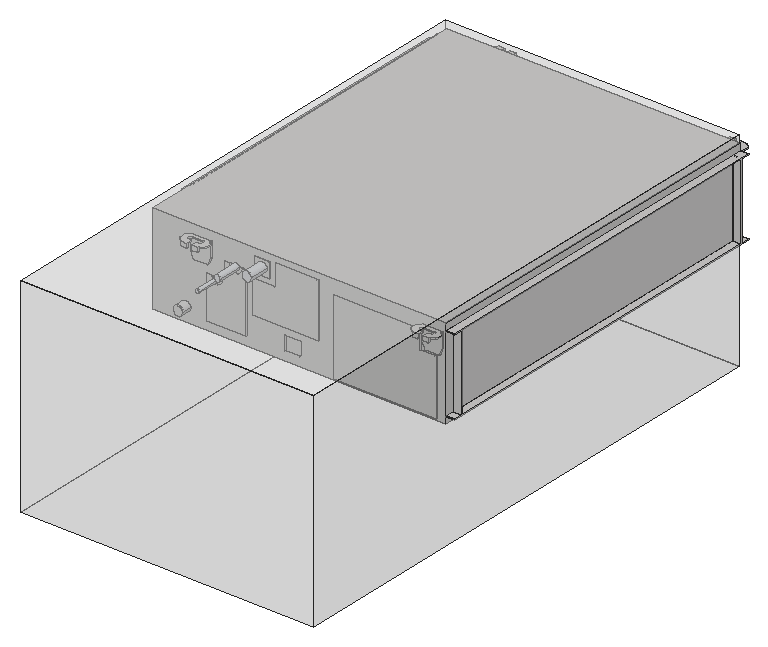
Revit family "outputfile", category 機械設備, Revit 2024
Family settings
  丸型コネクタ寸法 = 半径を使用
  パーツ タイプ = 標準
  OmniClass 番号 = 23.75.10.24.21.27.27
  OmniClass タイトル = Split System Air Conditioning Units
  作業面ベース = いいえ
  常に垂直 = はい
  ロード時にボイドで切り取り = いいえ
  注釈の向きを維持 = いいえ
  共有 = いいえ
  部屋計算ポイント = はい
Parameters (values of type "FXSQ63PAVE")
  Description = ""
  製造元 = "Daikin"
  書き出し IFC クラス(タイプ) = "IfcUnitaryEquipmentType"
  定義済み IFC タイプ(タイプ) = "AIRCONDITIONINGUNIT"
  Cost = 0
  モデル = "FXSQ63PAVE"
  Type Comments = ""
  Keynote = ""
  Type Image = (empty or 0)
  Assembly Code = ""
  r_Liquid Pipe Size = Liquid Pipe Size / 2  # 4.75 mm
  r_Gas Pipe Size = Gas Pipe Size / 2  # 7.95 mm
  r_Drain Pipe Size = Drain Pipe Size / 2  # 12.5 mm
  lw_power = 770.0 mm  # constant formula
  lh_SA = 138.0 mm  # constant formula
  lw_SA = if(Depth = 550.0 mm, 225.0 mm, if(Depth = 700.0 mm, 300.0 mm, if(Depth = 1000.0 mm, 450.0 mm, if(Depth = 1400.0 mm, 650.0 mm, 725.0 mm))))  # 450.0 mm
  lw_RA = if(Depth = 550.0 mm, 275.0 mm, if(Depth = 700.0 mm, 349.0 mm, if(Depth = 1000.0 mm, 499.0 mm, if(Depth = 1400.0 mm, 699.0 mm, 775.0 mm))))  # 499.0 mm
  lh_power = 60.0 mm + [h***]  # 60.0 mm
  lh_mountinghole1 = lh_mountinghole + [h***]  # 222.0 mm
  lh_RA = 123.0 mm  # constant formula
  ld_power = Depth / 2  # 500.0 mm
  Voltage_comment_60Hz = "220"
  Voltage_comment_50Hz = "220-240"
  Voltage_60Hz = 220 V
  Voltage_50Hz = 220 V
  URL = ""
  Supply Air Direction [instance] = yes
  Sound Power Level_H speed (dB) = 64
  Phase_60Hz = 1
  Phase_50Hz = 1
  Minimum External Static Pressure = 50.00 Pa
  Minimum Circuit Amps_60Hz = 1.8 A
  Minimum Circuit Amps_50Hz = 1.8 A
  Maximum Fuse Amps_60Hz = 16.0 A
  Maximum Fuse Amps_50Hz = 16.0 A
  Maximum External Static Pressure = 150.00 Pa
  Material_Casing = DAIKIN_GalvanizedSteel_Casing_indoorunit
  lw_mountinghole = 630.0 mm  # constant formula
  lh_gaspipe = 183.0 mm + [h***]  # 183.0 mm
  lh_mountinghole = 222.0 mm  # constant formula
  lh_liquidpipe = 136.0 mm + [h***]  # 136.0 mm
  lh_drainpipe = 207.0 mm + [h***]  # 207.0 mm
  lh_antena = Height - lh_mountinghole + 1.0 mm  # 24.0 mm
  ld_drainpipe = Depth / 2 + 53.0 mm  # 553.0 mm
  ld_liquidpipe = Depth / 2 + 69.0 mm  # 569.0 mm
  ld_gaspipe = Depth / 2 + 65.0 mm  # 565.0 mm
  ld_mountinghole = Depth + 38.0 mm  # 1038.0 mm
  h*** = 0.0 mm  # constant formula
  lw_liquidpipe = 179.0 mm  # constant formula
  lw_gaspipe = 229.0 mm  # constant formula
  lw_drainpipe = 300.0 mm  # constant formula
  Width = 800.0 mm
  Version = "ver.1.0"
  Unit Type = "Middle Static Pressure Duct Type"
  Unit Mass Weight = 35.00 kg
  Unit Designation [instance] = ""
  Uniclass2015Version = "Products v1.30"
  Uniclass2015Title = "Variable refrigerant flow units"
  Uniclass2015Code = "Pr_70_65_03_94"
  Total Heating Capacity [instance] = 0.000 kW
  Total Cooling Capacity [instance] = 0.000 kW
  Sound Pressure Level_M speed (dBA) = 0
  Sound Pressure Level_L speed (dBA) = 29
  Sound Pressure Level_H speed (dBA) = 36
  Series = "VRV Fan Coil Unit"
  Sensible Cooling Capacity [instance] = 0.000 kW
  SA Duct Size Width = if(Depth = 550.0 mm, 337.0 mm, if(Depth = 700.0 mm, 492.0 mm, if(Depth = 1000.0 mm, 792.0 mm, if(Depth = 1400.0 mm, 1192.0 mm, 1337.0 mm))))  # 792.0 mm
  SA Duct Size Height = 176.0 mm
  Refrigerant Type = "R410A"
  RA Duct Size Width = if(Depth = 550.0 mm, 502.0 mm, if(Depth = 700.0 mm, 654.0 mm, if(Depth = 1000.0 mm, 952.0 mm, if(Depth = 1400.0 mm, 1352.0 mm, 1502.0 mm))))  # 952.0 mm
  RA Duct Size Height = 208.0 mm
  Power Input (Heating) = 0.217 kW
  Power Input (Cooling) = 0.222 kW
  Option Accessory 3 [instance] = ""
  Option Accessory 2 [instance] = ""
  Option Accessory 1 [instance] = ""
  Nominal Heating Capacity = 8.000 kW
  Nominal Cooling Capacity = 7.100 kW
  Minimum Airflow = 870.00 m³/h
  Median Airflow = 1050.00 m³/h
  Maximum Airflow = 1260.00 m³/h
  Load Classification = HVAC
  Liquid Pipe Size = 9.5 mm
  Link_Nested Family [instance] = ""
  IfcVersion = "0"
  IfcExportType = "AIRCONDITIONINGUNIT"
  IfcExportAs = "IfcUnitaryEquipmentType"
  Height = 245.0 mm
  Heating Entering Wet Bulb Temperature [instance] = 0.00 °C
  Heating Entering Dry Bulb Temperature [instance] = 0.00 °C
  Heating Ambient Wet Bulb Temperature [instance] = 0.00 °C
  Heating Ambient Dry Bulb Temperature [instance] = 0.00 °C
  Heat Exchanger Type = "Cross Fin Coil"
  Gas Pipe Size = 15.9 mm
  Frequency_60Hz = 60 Hz
  Frequency_50Hz = 50 Hz
  Fan Type = "Sirocco Fan"
  Fan Drive = "Direct Drive"
  FCU Tag No. [instance] = ""
  Drain Pipe Size = 25.0 mm
  Design Supply Airflow [instance] = 0.00 m³/h
  Design Return Airflow [instance] = 0.00 m³/h
  Design External Static Pressure [instance] = 0.00 Pa
  Depth = 1000.0 mm
  既定の高さ = 0.0 mm
  Cooling Entering Wet Bulb Temperature [instance] = 0.00 °C
  Cooling Entering Dry Bulb Temperature [instance] = 0.00 °C
  Cooling Ambient Wet Bulb Temperature [instance] = 0.00 °C
  Cooling Ambient Dry Bulb Temperature [instance] = 0.00 °C
  Clearance visibility [instance] = yes
  Clearance Top = 20.0 mm
  Clearance Right = 0.0 mm
  Clearance Rear = 0.0 mm
  Clearance Left = 0.0 mm
  Clearance Front = 450.0 mm
  Clearance Bottom = 300.0 mm
Reference planes
  plane 1 "Center (Front/Back)": y = 0
  plane 2 "h": z = 0
  plane 3 "Center (Left/Right)": x = 0
  plane 4 "Back": y = 500
  plane 5 "Front": y = -500
  plane 6 "Left": x = -400
  plane 7 "Reight": x = 400
  plane 8 "Top": z = 0
  plane 9 "Bottom": z = -245
  plane 10: y = -215
  plane 11: y = 500
  plane 12: y = -950
  plane 13: x = -400
  plane 14: x = 400
  plane 15: z = 20
  plane 16: z = -545
  plane 17: x = -400
  plane 18: x = -399
  plane 19: x = 399
  plane 20: y = 50
  plane 21: y = -1
  plane 22: z = -122
  plane 23: y = -501
  plane 24: z = -109
  plane 25: x = -221
  plane 26: y = -565
  plane 27: z = -62
  plane 28: x = -171
  plane 29: y = -553
  plane 30: z = -38
  plane 31: x = -100
  plane 32: x = -100
  plane 33: x = -221
  plane 34: x = -171
  plane 35: x = 370
  plane 36: x = -266
  plane 37: x = 364
  plane 38: y = -519
  plane 39: y = 519
  plane 40: z = -23
  plane 41: z = -107
  plane 42: y = -570
  plane 43: z = -207
  plane 44: x = -309
  plane 45: y = -526
  plane 46: x = -251
  plane 47: x = -203
  plane 48: x = -144
  plane 49: z = -59
  plane 50: z = -106
  plane 51: z = -221
  plane 52: z = -109
  plane 53: x = -221
  plane 54: z = -62
  plane 55: x = -171
  plane 56: z = -17
  plane 57: z = -59
  plane 58: x = -121
  plane 59: x = -79
  plane 60: x = -125
  plane 61: x = -64
  plane 62: x = 53
  plane 63: z = -164
  plane 64: z = -73
  plane 65: z = -16
  plane 66: x = 93.5
  plane 67: x = 374.5
  plane 68: x = 330
  plane 69: z = -88.5
  plane 70: z = -38
  plane 71: z = -242.5
  plane 72: x = -38.5
  plane 73: x = 6.5
  plane 74: z = -181
  plane 75: z = -221
  plane 76: y = -499
  plane 77: x = -424
  plane 78: x = 424
Forms (mm)
  Extrusion 1, solid, material "DAIKIN_GalvanizedSteel_Casing_indoorunit" <- "Material_Casing"
    sketch origin (0, 0, 0) x (1, 0, 0) y (0, 1, 0)
      loop
        line (-399, 500) -> (-399, -500) -> (399, -500) -> (399, 500) -> (-399, 500)
    from -245 to 0
  Extrusion 2, solid, material "DAIKIN_GalvanizedSteel_Casing_indoorunit" <- "Material_Casing"
    sketch origin (0, 0, 0) x (1, 0, 0) y (0, 0, 1)
      loop
        line (-251, -221) -> (-144, -221) -> (-144, -59) -> (-154.47, -59)
        arc (-154.47, -59) -> (-171, -78.8) -> (-187.53, -59) r 16.8
        line (-187.53, -59) -> (-203, -59) -> (-203, -106) -> (-206.916, -106)
        arc (-206.916, -106) -> (-221, -123.4) -> (-235.084, -106) r 14.4
        line (-235.084, -106) -> (-251, -106) -> (-251, -221)
    from 500 to 501
  Extrusion 3, solid, material "DAIKIN_GalvanizedSteel_Casing_indoorunit" <- "Material_Casing"
    sketch origin (0, 0, 0) x (1, 0, 0) y (0, 0, 1)
      loop
        line (-121, -17) -> (-121, -59) -> (-79, -59) -> (-79, -17) -> (-121, -17)
      loop
        line (-125, -73) -> (-125, -164) -> (53, -164) -> (53, -16) -> (-64, -16) -> (-64, -73) -> (-125, -73)
    from 500 to 501
  Extrusion 4, solid, material "DAIKIN_GalvanizedSteel_Casing_indoorunit" <- "Material_Casing"
    sketch origin (0, 0, 0) x (1, 0, 0) y (0, 0, 1)
      loop
        line (93.5, -38) -> (93.5, -242.5) -> (374.5, -242.5) -> (374.5, -88.5) -> (330, -88.5) -> (330, -38) -> (93.5, -38)
    from 500 to 501
  Extrusion 5, solid
    sketch origin (0, 0, 0) x (1, 0, 0) y (0, 0, 1)
      loop
        circle (-221, -109) r 4.75
    from 500 to 570
  Extrusion 6, solid
    sketch origin (0, 0, 0) x (1, 0, 0) y (0, 0, 1)
      loop
        circle (-171, -62) r 7.95
    from 500 to 565
  Extrusion 7, solid
    sketch origin (0, 0, 0) x (1, 0, 0) y (0, 0, 1)
      loop
        circle (-100, -38) r 12.5
    from 501 to 553
  Extrusion 8, solid, material "DAIKIN_GalvanizedSteel_Casing_indoorunit" <- "Material_Casing"
    sketch origin (0, 0, 0) x (1, 0, 0) y (0, 0, 1)
      loop
        circle (-309, -207) r 13
    from 500 to 526
  Extrusion 9, void
    sketch origin (0, 0, 0) x (1, 0, 0) y (0, 0, 1)
      loop
        line (-38.5, -181) -> (-38.5, -221) -> (6.5, -221) -> (6.5, -181) -> (-38.5, -181)
    from 499 to 500
Cuts and joins
  Extrusion 9 cuts Extrusion 1
Dimensions and locks
  "Height": plane 8 "Top" to plane 9 "Bottom"
  equal spacing: plane 4 "Back", plane 1 "Center (Front/Back)", plane 5 "Front"
  "Depth": plane 4 "Back" to plane 5 "Front"
  equal spacing: plane 6 "Left", plane 3 "Center (Left/Right)", plane 7 "Reight"
  "Width": plane 6 "Left" to plane 7 "Reight"
  "Clearance Left": plane 13 to plane 6 "Left"
  "Clearance Right": plane 7 "Reight" to plane 14
  "Clearance Rear": plane 11 to plane 4 "Back"
  "Clearance Front": plane 5 "Front" to plane 12
  "Clearance Top": plane 15 to plane 8 "Top"
  "Clearance Bottom": plane 9 "Bottom" to plane 16
  locked: plane 17 to plane 18 at 1
  locked: plane 19 to plane 14 at 1
  "lw_SA": plane 11 to plane 20
  "lw_RA": plane 21 to plane 5 "Front"
  "lh_RA": plane 22 to plane 9 "Bottom"
  locked: plane 5 "Front" to plane 23 at 1
  "lw_liquidpipe": plane 25 to plane 6 "Left"
  "lh_liquidpipe": plane 24 to plane 9 "Bottom"
  "lh_gaspipe": plane 27 to plane 9 "Bottom"
  "lw_gaspipe": plane 28 to plane 6 "Left"
  "ld_gaspipe": plane 26 to plane 1 "Center (Front/Back)"
  "ld_drainpipe": plane 29 to plane 1 "Center (Front/Back)"
  "lh_drainpipe": plane 30 to plane 9 "Bottom"
  "lw_drainpipe": plane 31 to plane 6 "Left"
  "lw_drainpipe": plane 6 "Left" to plane 32
  "lw_liquidpipe": plane 6 "Left" to plane 33
  "lw_gaspipe": plane 6 "Left" to plane 34
  "lw_power": plane 6 "Left" to plane 35
  locked: plane 17 to plane 36 at 134
  "lw_mountinghole": plane 36 to plane 37
  equal spacing: plane 38, plane 1 "Center (Front/Back)", plane 39
  "ld_mountinghole": plane 39 to plane 38
  "lh_mountinghole": plane 40 to plane 9 "Bottom"
  "lh_SA": plane 41 to plane 9 "Bottom"
  "ld_liquidpipe": plane 21 to plane 42
  locked: plane 44 to plane 6 "Left" at 91
  locked: plane 43 to plane 9 "Bottom" at 38
  locked: plane 5 "Front" to plane 45 at 26
  plane 48 to plane 47 to plane 46 to plane 6 "Left" = 59.0 mm, 48.0 mm, 149.0 mm
  plane 8 "Top" to plane 49 to plane 50 to plane 51 = 59.0 mm locked, 47.0 mm locked, 115.0 mm locked
  plane 55 to plane 53 to plane 6 "Left" = 50.0 mm locked, 179.0 mm locked
  plane 54 to plane 52 to plane 9 "Bottom" = 47.0 mm locked, 136.0 mm locked
  plane 59 to plane 58 to plane 6 "Left" = 42.0 mm locked, 279.0 mm locked
  plane 8 "Top" to plane 56 to plane 57 = 17.0 mm locked, 42.0 mm locked
  plane 62 to plane 61 to plane 60 to plane 6 "Left" = 117.0 mm, 61.0 mm, 275.0 mm
  plane 8 "Top" to plane 65 to plane 64 = 16.0 mm locked, 57.0 mm locked
  locked: plane 65 to plane 63 at 148
  plane 8 "Top" to plane 70 to plane 69 to plane 71 = 38.0 mm locked, 50.5 mm locked, 154.0 mm locked
  plane 67 to plane 68 to plane 66 to plane 6 "Left" = 44.5 mm locked, 236.5 mm locked, 493.5 mm locked
  plane 8 "Top" to plane 74 to plane 75 = 181.0 mm locked, 40.0 mm locked
  plane 73 to plane 72 to plane 6 "Left" = 45.0 mm, 361.5 mm
  locked: plane 76 to plane 5 "Front" at 1
  locked: plane 77 to plane 17 at 24
  locked: plane 14 to plane 78 at 24
  "r_Liquid Pipe Size": radius of Extrusion 5 sketch curve
  "r_Gas Pipe Size": radius of Extrusion 6 sketch curve
  "r_Drain Pipe Size": radius of Extrusion 7 sketch curve
  aligned and locked: level to plane 2 "h"
  aligned and locked: plane 8 "Top" to Extrusion 1
  aligned and locked: Extrusion 1 to plane 9 "Bottom"
  aligned and locked: nested 5 to plane 12
  aligned and locked: plane 13 to nested 5
  aligned and locked: plane 14 to nested 5
  aligned and locked: nested 5 to plane 13
  aligned and locked: plane 11 to nested 5
  aligned and locked: plane 15 to nested 5
  aligned and locked: plane 16 to nested 5
  aligned and locked: plane 5 "Front" to Extrusion 1 sketch curve
  aligned and locked: Extrusion 1 to plane 18
  aligned and locked: plane 19 to Extrusion 1
  aligned and locked: nested 7 to plane 18
  aligned and locked: nested 7 to plane 20
  aligned and locked: plane 19 to nested 8
  aligned and locked: plane 21 to nested 8
  aligned and locked: plane 22 to nested 8
  aligned and locked: Extrusion 2 to plane 23
  aligned and locked: plane 5 "Front" to Extrusion 2
  aligned and locked: Extrusion 3 to plane 23
  aligned and locked: plane 5 "Front" to Extrusion 3
  aligned and locked: plane 5 "Front" to Extrusion 4
  aligned and locked: Extrusion 5 sketch curve to plane 25
  aligned and locked: plane 24 to Extrusion 5 sketch curve
  aligned and locked: plane 5 "Front" to Extrusion 5
  aligned and locked: Extrusion 6 sketch curve to plane 28
  aligned and locked: plane 27 to Extrusion 6 sketch curve
  aligned and locked: plane 5 "Front" to Extrusion 6
  aligned and locked: Extrusion 7 sketch curve to plane 31
  aligned and locked: Extrusion 7 sketch curve to plane 30
  aligned and locked: Extrusion 7 to plane 29
  aligned and locked: plane 23 to Extrusion 7
  aligned and locked: nested 3 to plane 29
  aligned and locked: plane 32 to nested 3
  aligned and locked: nested 2 to plane 33
  aligned and locked: nested 1 to plane 34
  aligned and locked: Extrusion 6 to plane 26
  aligned and locked: nested 1 to plane 26
  aligned and locked: nested 6 to plane 5 "Front"
  aligned and locked: nested 6 to plane 35
  aligned and locked: plane 36 to nested 10
  aligned and locked: nested 10 to plane 5 "Front"
  aligned and locked: plane 37 to nested 9
  aligned and locked: nested 9 to plane 5 "Front"
  aligned and locked: nested 11 to plane 36
  aligned and locked: plane 4 "Back" to nested 11
  aligned and locked: nested 12 to plane 37
  aligned and locked: plane 4 "Back" to nested 12
  aligned and locked: plane 40 to nested 10
  aligned and locked: plane 40 to nested 11
  aligned and locked: plane 40 to nested 9
  aligned and locked: plane 40 to nested 12
  aligned and locked: plane 36 to nested 14
  aligned and locked: nested 14 to plane 39
  aligned and locked: plane 37 to nested 13
  aligned and locked: nested 13 to plane 39
  aligned and locked: plane 37 to nested 16
  aligned and locked: plane 38 to nested 16
  aligned and locked: plane 38 to nested 15
  aligned and locked: plane 36 to nested 15
  aligned and locked: plane 17 to plane 6 "Left"
  aligned and locked: plane 41 to nested 7
  aligned and locked: Extrusion 5 to plane 42
  aligned and locked: nested 2 to plane 42
  aligned and locked: Extrusion 8 sketch curve to plane 44
  aligned and locked: plane 43 to Extrusion 8 sketch curve
  aligned and locked: plane 5 "Front" to Extrusion 8
  aligned and locked: plane 45 to Extrusion 8
  aligned and locked: Extrusion 3 sketch curve to plane 56
  aligned and locked: Extrusion 3 sketch curve to plane 58
  aligned and locked: plane 57 to Extrusion 3 sketch curve
  aligned and locked: plane 59 to Extrusion 3 sketch curve
  aligned and locked: Extrusion 4 to plane 23
  aligned and locked: Extrusion 9 sketch curve to plane 74
  aligned and locked: plane 75 to Extrusion 9 sketch curve
  aligned and locked: plane 73 to Extrusion 9 sketch curve
  aligned and locked: plane 5 "Front" to Extrusion 9
  aligned and locked: plane 76 to Extrusion 9
  aligned and locked: nested 17 to plane 20
  aligned and locked: nested 17 to plane 77
  aligned and locked: plane 21 to nested 18
  aligned and locked: plane 78 to nested 18
  aligned and locked: plane 41 to nested 17
  aligned and locked: nested 18 to plane 22
  aligned and locked: nested 4 to plane 3 "Center (Left/Right)"
  aligned and locked: plane 1 "Center (Front/Back)" to nested 4
  aligned and locked: level to plane 8 "Top"
Automatic sketch dimensions
  plane 6 "Left" to Extrusion 1 sketch curve = 1.0 mm
  Extrusion 1 sketch curve to plane 7 "Reight" = 1.0 mm
  Extrusion 1 sketch curve to plane 4 "Back" = 0.0 mm
  Extrusion 2 sketch curve to plane 46 = 0.0 mm
  Extrusion 2 sketch curve to plane 33 = 0.0 mm
  Extrusion 2 sketch curve to plane 47 = 0.0 mm
  Extrusion 2 sketch curve to plane 34 = 0.0 mm
  Extrusion 2 sketch curve to plane 48 = 0.0 mm
  Extrusion 2 sketch curve to plane 51 = 0.0 mm
  Extrusion 2 sketch curve to plane 52 = 0.0 mm
  Extrusion 2 sketch curve to plane 50 = 0.0 mm  (x3)
  Extrusion 2 sketch curve to plane 54 = 0.0 mm
  Extrusion 2 sketch curve to plane 49 = 0.0 mm  (x3)
  plane 33 to Extrusion 2 sketch curve = 14.084 mm
  plane 34 to Extrusion 2 sketch curve = 16.53 mm
  Extrusion 3 sketch curve to plane 60 = 0.0 mm
  Extrusion 3 sketch curve to plane 61 = 0.0 mm
  Extrusion 3 sketch curve to plane 62 = 0.0 mm
  Extrusion 3 sketch curve to plane 63 = 0.0 mm
  Extrusion 3 sketch curve to plane 64 = 0.0 mm
  Extrusion 3 sketch curve to plane 65 = 0.0 mm
  Extrusion 4 sketch curve to plane 66 = 0.0 mm
  Extrusion 4 sketch curve to plane 68 = 0.0 mm
  Extrusion 4 sketch curve to plane 67 = 0.0 mm
  Extrusion 4 sketch curve to plane 71 = 0.0 mm
  Extrusion 4 sketch curve to plane 69 = 0.0 mm
  Extrusion 4 sketch curve to plane 70 = 0.0 mm
  Extrusion 9 sketch curve to plane 72 = 0.0 mm
  radius of Extrusion 8 sketch curve = 13.0 mm
Nested families
  nested 1: "daikin_connector_rotate2" at (-171, 0, -62), length <- "ld_gaspipe", built-in parameter 1001364 <- "lh_gaspipe", radius <- "r_Gas Pipe Size", type "daikin_connector_rotate2"
    with radius 7.95 mm, length 565.0 mm, angle_vertical 90.00°
  nested 2: "daikin_connector_rotate2" at (-221, -1, -109), length <- "ld_liquidpipe", built-in parameter 1001364 <- "lh_liquidpipe", radius <- "r_Liquid Pipe Size", type "daikin_connector_rotate2"
    with radius 4.75 mm, length 569.0 mm, angle_vertical 90.00°
  nested 3: "daikin_connector_rotate2" at (-100, 0, -38), length <- "ld_drainpipe", built-in parameter 1001364 <- "lh_drainpipe", radius <- "r_Drain Pipe Size", type "daikin_connector_rotate2"
    with radius 12.5 mm, length 553.0 mm, angle_vertical 90.00°
  nested 4: "daikin_△_symbolicline" at (0, 0, 245) x (0, -1, 0) z (0, 0, 1), built-in parameter 1001364 <- "Height", visible <- "Supply Air Direction", type "daikin_△_symbolicline"
    with length 200.0 mm
  nested 5: "daikin_clearancespace" at (0, -225, -262.381), visible <- "Clearance visibility", show <- "Clearance visibility", Link_Nested Family <- "Link_Nested Family", type "daikin_clearancespace"
    with width 800.0 mm, show yes, height 565.0 mm, depth 1450.0 mm, Link_Nested Family ""
  nested 6: "daikin_connector_rotate2" at (370, 0, -185), built-in parameter 1001364 <- "lh_power", length <- "ld_power", type "daikin_connector_rotate2"
    with radius 10.0 mm, length 500.0 mm, angle_vertical 90.00°
  nested 7: "daikin_ductflange_FXSQ-PAVE2" at (-399, 50, -107) x (0, -1, 0) z (0, 0, 1), type "daikin_ductflange_FXSQ-PAVE2"
    with width 792.0 mm, w 1000.0 mm
  nested 8: "daikin_ductflange_FXSQ-PAVE" at (399, -1, -122) x (0, 1, 0) z (0, 0, 1), type "daikin_ductflange_FXSQ-PAVE"
    with width 952.0 mm, w 1000.0 mm
  nested 9: "daikin_hangerfixture_FXSQ-PAVE" at (364, -500, -23), type "daikin_hangerfixture_FXSQ-PAVE"
  nested 10: "daikin_hangerfixture_FXSQ-PAVE" at (-266, -500, -23), type "daikin_hangerfixture_FXSQ-PAVE"
  nested 11: "daikin_hangerfixture_FXSQ-PAVE" at (-266, 500, -23) x (-1, 0, 0) z (0, 0, 1), type "daikin_hangerfixture_FXSQ-PAVE"
  nested 12: "daikin_hangerfixture_FXSQ-PAVE" at (364, 500, -23) x (-1, 0, 0) z (0, 0, 1), type "daikin_hangerfixture_FXSQ-PAVE"
  nested 13: "daikin_mountinghole" at (364, 519, -245), h_mountinghole <- "lh_mountinghole1", l_antenna <- "lh_antena", Link_Nested Family <- "Link_Nested Family", type "daikin_mountinghole"
    with show yes, l_antenna 24.0 mm, h_mountinghole 222.0 mm, Link_Nested Family ""
  nested 14: "daikin_mountinghole" at (-266, 519, -245), h_mountinghole <- "lh_mountinghole1", l_antenna <- "lh_antena", Link_Nested Family <- "Link_Nested Family", type "daikin_mountinghole"
    with show yes, l_antenna 24.0 mm, h_mountinghole 222.0 mm, Link_Nested Family ""
  nested 15: "daikin_mountinghole" at (-266, -519, -245), h_mountinghole <- "lh_mountinghole1", l_antenna <- "lh_antena", Link_Nested Family <- "Link_Nested Family", type "daikin_mountinghole"
    with show yes, l_antenna 24.0 mm, h_mountinghole 222.0 mm, Link_Nested Family ""
  nested 16: "daikin_mountinghole" at (364, -519, -245), h_mountinghole <- "lh_mountinghole1", l_antenna <- "lh_antena", Link_Nested Family <- "Link_Nested Family", type "daikin_mountinghole"
    with show yes, l_antenna 24.0 mm, h_mountinghole 222.0 mm, Link_Nested Family ""
  nested 17: "daikin_connector_rotate2" at (-400, 50, -107) x (0, -1, 0) z (0, 0, 1), type "daikin_connector_rotate2"
    with radius 10.0 mm, length 24.0 mm, angle_vertical 90.00°
  nested 18: "daikin_connector_rotate2" at (400, -1, -122) x (0, 1, 0) z (0, 0, 1), type "daikin_connector_rotate2"
    with radius 10.0 mm, length 24.0 mm, angle_vertical 90.00°
Connectors
  piping at (-100, -553, -38), diameter 25, driven by "r_Drain Pipe Size"
    settings: on nested 3, index 3, connector inside diameter 609.6 mm, connector length 0.0 mm, flow factor 0, pipe flow 0.00 m³/h, pressure drop 0.0 Pa, fitting loss kfactor 0, connector angle 0.00°, fixture units 0, engagement length 0.0 mm, angle of deflection 0.00°, flow configuration 1, flow direction 2, fitting loss method 4, system type 16, joint type 0, gender type 0, connector reference index -1, connector utility 0, adjustable connector no, is connector primary yes, connector description "Condensate Drain Piping"
  piping at (-171, -565, -62), diameter 15.9, driven by "r_Gas Pipe Size"
    settings: on nested 1, index 4, connector inside diameter 609.6 mm, connector length 0.0 mm, flow factor 0, pipe flow 0.00 m³/h, pressure drop 0.0 Pa, fitting loss kfactor 0, connector angle 0.00°, fixture units 0, engagement length 0.0 mm, angle of deflection 0.00°, flow configuration 1, flow direction 2, fitting loss method 0, system type 29, joint type 0, gender type 0, connector reference index -1, connector utility 0, adjustable connector no, is connector primary no, connector description "Refrigerant Gas Piping"
  piping at (-221, -570, -109), diameter 9.5, driven by "r_Liquid Pipe Size"
    settings: on nested 2, index 5, connector inside diameter 609.6 mm, connector length 0.0 mm, flow factor 0, pipe flow 0.00 m³/h, pressure drop 0.0 Pa, fitting loss kfactor 0, connector angle 0.00°, fixture units 0, engagement length 0.0 mm, angle of deflection 0.00°, flow configuration 1, flow direction 1, fitting loss method 0, system type 29, joint type 0, gender type 0, connector reference index -1, connector utility 0, adjustable connector no, is connector primary no, connector description "Refrigerant Liquid Piping"
  electrical at (370, -500, -185), driven by "Load Classification"
    settings: on nested 6, index 6, voltage 0 V, apparent load 0 VA, apparent load phase1 0 VA, apparent load phase2 0 VA, apparent load phase3 0 VA, power factor 1, load classification "HVAC", number of poles 1, system type 30, power factor state 1, is connector primary yes, connector utility no, sub classification motor no, connector description "Power Supply"
  hvac at (-424, 50, -107), driven by "SA Duct Size Height", driven by "SA Duct Size Width"
    settings: on nested 17, index 7, duct flow 0.00 m³/h, flow factor 0, pres drop 0.00 Pa, loss coef 0, conn angle 0.00°, conn width 792.0 mm, conn height 176.0 mm, conn diameter 609.6 mm, duct sys type 1, conn prof type 1, flow config 0, flow direction 2, loss method 4, conn ref index -1, conn util no, is conn primary yes, conn desc "SA Duct"
  hvac at (424, -1, -122), driven by "RA Duct Size Height", driven by "RA Duct Size Width"
    settings: on nested 18, index 8, duct flow 0.00 m³/h, flow factor 0, pres drop 0.00 Pa, loss coef 0, conn angle 0.00°, conn width 952.0 mm, conn height 208.0 mm, conn diameter 609.6 mm, duct sys type 2, conn prof type 1, flow config 0, flow direction 1, loss method 4, conn ref index -1, conn util no, is conn primary no, conn desc "RA Duct"
Definition of nested family "daikin_clearancespace"
  Parameters (values of type "daikin_clearancespace")
    width [instance] = 1823.963 mm
    show [instance] = yes
    material = none
    height [instance] = 1359.762 mm
    depth [instance] = 880.0 mm
    Default Elevation = 0.0 mm
    Link_Nested Family [instance] = ""
  Reference planes
    plane 1 "Center (Front/Back)": y = 0
    plane 2 "Center (Elevation)": z = -0.119
    plane 3 "Center (Left/Right)": x = 0
    plane 4: y = 440
    plane 5: y = -440
    plane 6 "Right": x = 911.982
    plane 7 "Left": x = -911.982
    plane 8 "Top": z = 679.762
    plane 9 "Bottom": z = -680
  Forms (mm)
    Extrusion 1, solid, material <- "material", visible <- "show"
      sketch origin (0, 0, 0) x (1, 0, 0) y (0, 1, 0)
        loop
          line (-911.982, 440) -> (-911.982, -440) -> (911.982, -440) -> (911.982, 440) -> (-911.982, 440)
      from -680 to 679.762
  Lines and regions (mm)
    symbolic lines, visible <- "show"
      curve 1: line (911.982, 440, 0) -> (-911.982, 440, 0)
      curve 2: line (-911.982, 440, 0) -> (-911.982, -440, 0)
      curve 3: line (-911.982, -440, 0) -> (911.982, -440, 0)
      curve 4: line (911.982, -440, 0) -> (911.982, 440, 0)
      curve 5: line (911.982, 0, 679.762) -> (-911.982, 0, 679.762)
      curve 6: line (911.982, 0, -680) -> (911.982, 0, 679.762)
      curve 7: line (-911.982, 0, -680) -> (911.982, 0, -680)
      curve 8: line (-911.982, 0, 679.762) -> (-911.982, 0, -680)
      curve 9: line (0, 440, 679.762) -> (0, -440, 679.762)
      curve 10: line (0, -440, 679.762) -> (0, -440, -680)
      curve 11: line (0, 440, -680) -> (0, 440, 679.762)
      curve 12: line (0, -440, -680) -> (0, 440, -680)
  Dimensions and locks
    "width": plane 7 "Left" to plane 6 "Right"
    "depth": plane 4 to plane 5
    "height": plane 8 "Top" to plane 9 "Bottom"
    equal spacing: plane 7 "Left", plane 3 "Center (Left/Right)", plane 6 "Right"
    equal spacing: plane 4, plane 1 "Center (Front/Back)", plane 5
    equal spacing: plane 8 "Top", plane 2 "Center (Elevation)", plane 9 "Bottom"
    aligned and locked: level to plane 2 "Center (Elevation)"
    aligned and locked: Extrusion 1 sketch curve to plane 4
    aligned and locked: plane 7 "Left" to Extrusion 1 sketch curve
    aligned and locked: Extrusion 1 sketch curve to plane 5
    aligned and locked: Extrusion 1 sketch curve to plane 6 "Right"
    aligned and locked: plane 8 "Top" to Extrusion 1
    aligned and locked: curve 1 to Extrusion 1
    aligned and locked: curve 2 to Extrusion 1
    aligned and locked: curve 3 to Extrusion 1
    aligned and locked: curve 4 to Extrusion 1
    aligned and locked: curve 5 to Extrusion 1
    aligned and locked: curve 6 to Extrusion 1
    aligned and locked: curve 7 to Extrusion 1
    aligned and locked: curve 8 to Extrusion 1
    aligned and locked: curve 9 to Extrusion 1
    aligned and locked: curve 10 to Extrusion 1
    aligned and locked: curve 11 to Extrusion 1
    aligned and locked: curve 12 to Extrusion 1
    aligned and locked: Extrusion 1 to plane 9 "Bottom"
Definition of nested family "daikin_ductflange_FXSQ-PAVE2"
  Parameters (values of type "daikin_ductflange_FXMQ-PAVE2")
    width = if(w = 550.0 mm, 337.0 mm, if(w = 700.0 mm, 492.0 mm, if(w = 1000.0 mm, 792.0 mm, if(w = 1400.0 mm, 1192.0 mm, 1337.0 mm))))  # 337.0 mm
    material = none
    height = 215.0 mm
    depth = 1.0 mm
    w = 550.0 mm
    Default Elevation = 0.0 mm
  Reference planes
    plane 1 "Center (Front/Back)": y = 0
    plane 2: z = 0
    plane 3 "Center (Left/Right)": x = 0
    plane 4: z = 88
    plane 5: z = -88
    plane 6: y = -25
    plane 7: z = 106
    plane 8: z = 89
    plane 9: y = -1
    plane 10: x = -192.5
    plane 11: x = 192.5
    plane 12: z = -106
    plane 13: z = -89
    plane 14: y = -1
    plane 15: x = 168.5
    plane 16: x = -168.5
    plane 17: x = 169.5
    plane 18: z = 87
    plane 19: z = -87
    plane 20: x = -169.5
    plane 21: z = 87
    plane 22: z = -87
    plane 23: y = -1
  Forms (mm)
    Extrusion 1, solid, material <- "material"
      sketch origin (0, 0, 0) x (0, 1, 0) y (0, 0, 1)
        loop
          line (-25, 88) -> (0, 88) -> (0, 106) -> (-1, 106) -> (-1, 89) -> (-25, 89) -> (-25, 88)
      from -192.5 to 192.5
    Extrusion 2, solid, material <- "material"
      sketch origin (0, 0, 0) x (0, 1, 0) y (0, 0, 1)
        loop
          line (-25, -88) -> (-25, -89) -> (-1, -89) -> (-1, -106) -> (0, -106) -> (0, -88) -> (-25, -88)
      from -192.5 to 192.5
    Extrusion 3, solid, material <- "material"
      sketch origin (0, 0, 0) x (1, 0, 0) y (0, 0, 1)
        loop
          line (168.5, 88) -> (168.5, -88) -> (192.5, -88) -> (192.5, -87) -> (169.5, -87) -> (169.5, 87) -> (192.5, 87) -> (192.5, 88) -> (168.5, 88)
      from 0 to 25
    Extrusion 4, solid, material <- "material"
      sketch origin (0, 0, 0) x (1, 0, 0) y (0, 0, 1)
        loop
          line (-192.5, 88) -> (-192.5, 87) -> (-169.5, 87) -> (-169.5, -87) -> (-192.5, -87) -> (-192.5, -88) -> (-168.5, -88) -> (-168.5, 88) -> (-192.5, 88)
      from 0 to 25
    Extrusion 5, solid, material <- "material"
      sketch origin (0, 0, 0) x (1, 0, 0) y (0, 0, 1)
        loop
          line (-192.5, 88) -> (-192.5, -88) -> (-168.5, -88) -> (-168.5, 88) -> (-192.5, 88)
        loop
          line (192.5, 88) -> (168.5, 88) -> (168.5, -88) -> (192.5, -88) -> (192.5, 88)
      from 0 to 1
  Cuts and joins
    joined: Extrusion 1, Extrusion 2, Extrusion 3, Extrusion 4, Extrusion 5
  Dimensions and locks
    plane 4 to level to plane 5 = 88.0 mm, 88.0 mm
    locked: plane 6 to plane 1 "Center (Front/Back)" at 25
    locked: plane 9 to plane 1 "Center (Front/Back)" at 1
    locked: plane 8 to plane 4 at 1
    locked: plane 16 to plane 10 at 24
    locked: plane 17 to plane 15 at 1
    locked: plane 4 to plane 18 at 1
    locked: plane 19 to plane 5 at 1
    "width": plane 15 to plane 16
    plane 4 to plane 5 = 176.0 mm
    locked: plane 16 to plane 20 at 1
    locked: plane 4 to plane 21 at 1
    locked: plane 22 to plane 5 at 1
    locked: plane 23 to plane 1 "Center (Front/Back)" at 1
    plane 4 to level to plane 5 = 88.0 mm locked, 88.0 mm locked
    locked: plane 5 to plane 13 at 1
    locked: plane 5 to plane 12 at 18
    locked: plane 7 to plane 4 at 18
    equal spacing: plane 15, plane 3 "Center (Left/Right)", plane 16
    locked: plane 11 to plane 15 at 24
    plane 11 to plane 10 = 385.0 mm
    aligned and locked: level to plane 2
    aligned and locked: Extrusion 1 to plane 10
    aligned and locked: plane 11 to Extrusion 1
    aligned and locked: plane 5 to Extrusion 2
    aligned and locked: Extrusion 2 to plane 1 "Center (Front/Back)"
    aligned and locked: plane 15 to Extrusion 3 sketch curve
    aligned and locked: Extrusion 3 sketch curve to Extrusion 2  (x2)
    aligned and locked: Extrusion 3 sketch curve to plane 11
    aligned and locked: plane 6 to Extrusion 3
    aligned and locked: Extrusion 2 to plane 10
    aligned and locked: plane 11 to Extrusion 2
    aligned and locked: Extrusion 4 sketch curve to Extrusion 1  (x2)
    aligned and locked: plane 5 to Extrusion 4 sketch curve
    aligned and locked: Extrusion 4 sketch curve to plane 16
    aligned and locked: Extrusion 4 sketch curve to plane 22
    aligned and locked: plane 20 to Extrusion 4 sketch curve
    aligned and locked: plane 21 to Extrusion 4 sketch curve
    aligned and locked: Extrusion 4 to plane 1 "Center (Front/Back)"
    aligned and locked: plane 6 to Extrusion 4
    aligned and locked: Extrusion 5 sketch curve to Extrusion 1  (x4)
    aligned and locked: Extrusion 5 sketch curve to Extrusion 4  (x2)
    aligned and locked: Extrusion 5 sketch curve to Extrusion 3  (x2)
    aligned and locked: Extrusion 5 to plane 1 "Center (Front/Back)"
    aligned and locked: plane 23 to Extrusion 5
  Automatic sketch dimensions
    Extrusion 1 sketch curve to plane 6 = 0.0 mm
    Extrusion 1 sketch curve to plane 7 = 0.0 mm
    Extrusion 1 sketch curve to plane 9 = 0.0 mm
    Extrusion 1 sketch curve to plane 1 "Center (Front/Back)" = 0.0 mm
    Extrusion 1 sketch curve to plane 4 = 0.0 mm
    Extrusion 1 sketch curve to plane 8 = 0.0 mm
    Extrusion 2 sketch curve to plane 6 = 0.0 mm
    plane 12 to Extrusion 2 sketch curve = 0.0 mm
    Extrusion 2 sketch curve to plane 14 = 0.0 mm
    Extrusion 2 sketch curve to plane 1 "Center (Front/Back)" = 0.0 mm
    plane 13 to Extrusion 2 sketch curve = 0.0 mm
    Extrusion 2 sketch curve to plane 5 = 0.0 mm
    Extrusion 3 sketch curve to plane 17 = 0.0 mm
    Extrusion 3 sketch curve to plane 19 = 0.0 mm
    Extrusion 3 sketch curve to plane 18 = 0.0 mm
    Extrusion 3 sketch curve to plane 4 = 0.0 mm
    Extrusion 4 sketch curve to plane 10 = 0.0 mm
Definition of nested family "daikin_ductflange_FXSQ-PAVE"
  Parameters (values of type "daikin_ductflange_FXMQ-PAVE")
    width = if(w = 550.0 mm, 502.0 mm, if(w = 700.0 mm, 654.0 mm, if(w = 1000.0 mm, 952.0 mm, if(w = 1400.0 mm, 1352.0 mm, 1502.0 mm))))  # 502.0 mm
    material = none
    height = 208.0 mm
    depth = 1.0 mm
    w = 550.0 mm
    Default Elevation = 0.0 mm
  Reference planes
    plane 1 "Center (Front/Back)": y = 0
    plane 2: z = 0
    plane 3 "Center (Left/Right)": x = 0
    plane 4: z = 104
    plane 5: z = -104
    plane 6: y = -25
    plane 7: z = 121
    plane 8: z = 105
    plane 9: y = -1
    plane 10: x = -275
    plane 11: x = 275
    plane 12: z = -122
    plane 13: z = -105
    plane 14: y = -1
    plane 15: x = 251
    plane 16: x = -251
    plane 17: x = 252
    plane 18: z = 103
    plane 19: z = -103
    plane 20: x = -252
    plane 21: z = 103
    plane 22: z = -103
    plane 23: y = -1
  Forms (mm)
    Extrusion 1, solid, material <- "material"
      sketch origin (0, 0, 0) x (0, 1, 0) y (0, 0, 1)
        loop
          line (-25, 104) -> (0, 104) -> (0, 121) -> (-1, 121) -> (-1, 105) -> (-25, 105) -> (-25, 104)
      from -275 to 275
    Extrusion 2, solid, material <- "material"
      sketch origin (0, 0, 0) x (0, 1, 0) y (0, 0, 1)
        loop
          line (-25, -104) -> (-25, -105) -> (-1, -105) -> (-1, -122) -> (0, -122) -> (0, -104) -> (-25, -104)
      from -275 to 275
    Extrusion 3, solid, material <- "material"
      sketch origin (0, 0, 0) x (1, 0, 0) y (0, 0, 1)
        loop
          line (251, 104) -> (251, -104) -> (275, -104) -> (275, -103) -> (252, -103) -> (252, 103) -> (275, 103) -> (275, 104) -> (251, 104)
      from 0 to 25
    Extrusion 4, solid, material <- "material"
      sketch origin (0, 0, 0) x (1, 0, 0) y (0, 0, 1)
        loop
          line (-275, 104) -> (-275, 103) -> (-252, 103) -> (-252, -103) -> (-275, -103) -> (-275, -104) -> (-251, -104) -> (-251, 104) -> (-275, 104)
      from 0 to 25
    Extrusion 5, solid, material <- "material"
      sketch origin (0, 0, 0) x (1, 0, 0) y (0, 0, 1)
        loop
          line (-275, 104) -> (-275, -104) -> (-251, -104) -> (-251, 104) -> (-275, 104)
        loop
          line (275, 104) -> (251, 104) -> (251, -104) -> (275, -104) -> (275, 104)
      from 0 to 1
  Cuts and joins
    joined: Extrusion 1, Extrusion 2, Extrusion 3, Extrusion 4, Extrusion 5
  Dimensions and locks
    plane 4 to level to plane 5 = 104.0 mm, 104.0 mm
    locked: plane 6 to plane 1 "Center (Front/Back)" at 25
    locked: plane 9 to plane 1 "Center (Front/Back)" at 1
    locked: plane 8 to plane 4 at 1
    locked: plane 11 to plane 15 at 24
    locked: plane 16 to plane 10 at 24
    locked: plane 17 to plane 15 at 1
    locked: plane 4 to plane 18 at 1
    locked: plane 19 to plane 5 at 1
    "width": plane 15 to plane 16
    equal spacing: plane 15, plane 3 "Center (Left/Right)", plane 16
    locked: plane 16 to plane 20 at 1
    locked: plane 4 to plane 21 at 1
    locked: plane 22 to plane 5 at 1
    locked: plane 23 to plane 1 "Center (Front/Back)" at 1
    locked: plane 7 to plane 4 at 17
    locked: plane 1 "Center (Front/Back)" to plane 14 at 1
    locked: plane 5 to plane 13 at 1
    "height": plane 4 to plane 5
    plane 11 to plane 10 = 550.0 mm
    locked: plane 12 to plane 13 at 17
    equal spacing: plane 4, level, plane 5
    aligned and locked: level to plane 2
    aligned and locked: Extrusion 1 to plane 10
    aligned and locked: plane 11 to Extrusion 1
    aligned and locked: plane 5 to Extrusion 2
    aligned and locked: Extrusion 2 to plane 1 "Center (Front/Back)"
    aligned and locked: plane 15 to Extrusion 3 sketch curve
    aligned and locked: Extrusion 3 sketch curve to Extrusion 2  (x2)
    aligned and locked: Extrusion 3 sketch curve to plane 11
    aligned and locked: plane 6 to Extrusion 3
    aligned and locked: Extrusion 2 to plane 10
    aligned and locked: plane 11 to Extrusion 2
    aligned and locked: Extrusion 4 sketch curve to Extrusion 1  (x2)
    aligned and locked: plane 5 to Extrusion 4 sketch curve
    aligned and locked: Extrusion 4 sketch curve to plane 16
    aligned and locked: Extrusion 4 sketch curve to plane 22
    aligned and locked: plane 20 to Extrusion 4 sketch curve
    aligned and locked: plane 21 to Extrusion 4 sketch curve
    aligned and locked: Extrusion 4 to plane 1 "Center (Front/Back)"
    aligned and locked: plane 6 to Extrusion 4
    aligned and locked: Extrusion 5 sketch curve to Extrusion 1  (x4)
    aligned and locked: Extrusion 5 sketch curve to Extrusion 4  (x2)
    aligned and locked: Extrusion 5 sketch curve to Extrusion 3  (x2)
    aligned and locked: Extrusion 5 to plane 1 "Center (Front/Back)"
    aligned and locked: plane 23 to Extrusion 5
  Automatic sketch dimensions
    Extrusion 1 sketch curve to plane 6 = 0.0 mm
    Extrusion 1 sketch curve to plane 7 = 0.0 mm
    Extrusion 1 sketch curve to plane 9 = 0.0 mm
    Extrusion 1 sketch curve to plane 1 "Center (Front/Back)" = 0.0 mm
    Extrusion 1 sketch curve to plane 4 = 0.0 mm
    Extrusion 1 sketch curve to plane 8 = 0.0 mm
    Extrusion 2 sketch curve to plane 6 = 0.0 mm
    plane 12 to Extrusion 2 sketch curve = 0.0 mm
    Extrusion 2 sketch curve to plane 14 = 0.0 mm
    Extrusion 2 sketch curve to plane 1 "Center (Front/Back)" = 0.0 mm
    plane 13 to Extrusion 2 sketch curve = 0.0 mm
    Extrusion 2 sketch curve to plane 5 = 0.0 mm
    Extrusion 3 sketch curve to plane 17 = 0.0 mm
    Extrusion 3 sketch curve to plane 19 = 0.0 mm
    Extrusion 3 sketch curve to plane 18 = 0.0 mm
    Extrusion 3 sketch curve to plane 4 = 0.0 mm
    Extrusion 4 sketch curve to plane 10 = 0.0 mm
Definition of nested family "daikin_hangerfixture_FXSQ-PAVE"
  Parameters (values of type "daikin_hangerfixture_FXMQ-PAVE")
    width = 72.0 mm
    material = none
    height = 60.0 mm
    depth = 41.0 mm
    Default Elevation = 0.0 mm
  Reference planes
    plane 1 "Center (Front/Back)": y = 0
    plane 2: z = 0
    plane 3 "Center (Left/Right)": x = 0
    plane 4: y = 417.146
    plane 5: y = -41
    plane 6: x = -36
    plane 7: x = 36
    plane 8: z = -2.3
    plane 9: z = -60
    plane 10: y = -2.3
    plane 11: z = -12
    plane 12: y = -38.7
  Forms (mm)
    Extrusion 1, solid, material <- "material"
      sketch origin (0, 0, 0) x (1, 0, 0) y (0, 1, 0)
        loop
          line (-28, 0) -> (-28, -5)
          arc (-28, -5) -> (-29.127, -8.162) -> (-32, -9.899) r 5
          arc (-32, -9.899) -> (-34.873, -11.636) -> (-36, -14.798) r 5
          line (-36, -14.798) -> (-36, -27.178)
          arc (-36, -27.178) -> (-35.429, -29.499) -> (-33.846, -31.289) r 5
          line (-33.846, -31.289) -> (-23, -38.798) -> (-23, -41.098) -> (-6.5, -41.098) -> (-6.5, -28.498)
          arc (-6.5, -28.498) -> (-7.379, -26.377) -> (-9.5, -25.498) r 3
          line (-9.5, -25.498) -> (-13.5, -25.498)
          arc (-13.5, -25.498) -> (-20, -18.998) -> (-13.5, -12.498) r 6.5
          line (-13.5, -12.498) -> (13.5, -12.498)
          arc (13.5, -12.498) -> (20, -18.998) -> (13.5, -25.498) r 6.5
          line (13.5, -25.498) -> (9.5, -25.498)
          arc (9.5, -25.498) -> (7.379, -26.377) -> (6.5, -28.498) r 3
          line (6.5, -28.498) -> (6.5, -41.098) -> (23, -41.098) -> (23, -38.798) -> (33.846, -31.289)
          arc (33.846, -31.289) -> (35.429, -29.499) -> (36, -27.178) r 5
          line (36, -27.178) -> (36, -14.596)
          arc (36, -14.596) -> (34.873, -11.434) -> (32, -9.697) r 5
          arc (32, -9.697) -> (29.127, -7.96) -> (28, -4.798) r 5
          line (28, -4.798) -> (28, 0) -> (-28, 0)
      from 0 to -2.3
    Extrusion 2, solid, material <- "material"
      sketch origin (0, 0, 0) x (1, 0, 0) y (0, 0, 1)
        loop
          line (28, -39.037) -> (28, 0) -> (-28, 0) -> (-28, -39.037)
          arc (-28, -39.037) -> (-27.91, -39.983) -> (-27.642, -40.894) r 5
          line (-27.642, -40.894) -> (-21.257, -56.857)
          arc (-21.257, -56.857) -> (-19.418, -59.14) -> (-16.615, -60) r 5
          line (-16.615, -60) -> (16.615, -60)
          arc (16.615, -60) -> (19.418, -59.14) -> (21.257, -56.857) r 5
          line (21.257, -56.857) -> (27.642, -40.894)
          arc (27.642, -40.894) -> (27.91, -39.983) -> (28, -39.037) r 5
      from 0 to 2.3
    Extrusion 3, solid, material <- "material"
      sketch origin (0, 0, 0) x (1, 0, 0) y (0, 0, 1)
        loop
          line (-23, 0) -> (-23, -9)
          arc (-23, -9) -> (-22.121, -11.121) -> (-20, -12) r 3
          line (-20, -12) -> (-9.5, -12)
          arc (-9.5, -12) -> (-7.379, -11.121) -> (-6.5, -9) r 3
          line (-6.5, -9) -> (-6.5, 0) -> (-23, 0)
        loop
          line (23, 0) -> (6.5, 0) -> (6.5, -9)
          arc (6.5, -9) -> (7.379, -11.121) -> (9.5, -12) r 3
          line (9.5, -12) -> (20, -12)
          arc (20, -12) -> (22.121, -11.121) -> (23, -9) r 3
          line (23, -9) -> (23, 0)
      from 38.8 to 41.098
  Cuts and joins
    joined: Extrusion 1, Extrusion 2, Extrusion 3
  Dimensions and locks
    plane 2 to plane 8 = 2.3 mm
    "height": plane 2 to plane 9
    locked: plane 10 to plane 1 "Center (Front/Back)" at 2.3
    locked: plane 2 to plane 11 at 12
    locked: plane 12 to plane 5 at 2.3
    aligned and locked: level to plane 2
    aligned and locked: Extrusion 1 to plane 8
    aligned and locked: plane 2 to Extrusion 1
    aligned and locked: plane 2 to Extrusion 2 sketch curve
    aligned and locked: Extrusion 2 to plane 10
    aligned and locked: Extrusion 2 to plane 1 "Center (Front/Back)"
    aligned and locked: Extrusion 3 sketch curve to cut or joined group of Extrusion 1, Extrusion 2, Extrusion 3  (x3)
    aligned and locked: cut or joined group of Extrusion 1, Extrusion 2, Extrusion 3 to Extrusion 3
  Automatic sketch dimensions
    Extrusion 2 sketch curve to plane 7 = 8.0 mm
    Extrusion 2 sketch curve to plane 8 = 36.737 mm
    plane 6 to Extrusion 2 sketch curve = 19.385 mm
    Extrusion 1 sketch curve to plane 6 = 0.0 mm
    plane 1 "Center (Front/Back)" to Extrusion 1 sketch curve = 0.0 mm
    Extrusion 1 sketch curve to plane 7 = 0.0 mm
    plane 6 to Extrusion 1 sketch curve = 2.154 mm
    plane 6 to Extrusion 1 sketch curve = 3.0 mm
    Extrusion 1 sketch curve to Extrusion 1 sketch curve = 5.0 mm  (x3)
    Extrusion 1 sketch curve to plane 12 = 0.098 mm  (x2)
    Extrusion 1 sketch curve to Extrusion 1 sketch curve = 4.0 mm  (x2)
    Extrusion 1 sketch curve to plane 5 = 0.098 mm  (x2)
    Extrusion 1 sketch curve to plane 3 "Center (Left/Right)" = 6.5 mm
    plane 3 "Center (Left/Right)" to Extrusion 1 sketch curve = 6.5 mm
    Extrusion 1 sketch curve to Extrusion 1 sketch curve = 3.0 mm
    Extrusion 1 sketch curve to plane 7 = 8.0 mm
    Extrusion 1 sketch curve to plane 7 = 5.0 mm
    Extrusion 1 sketch curve to plane 7 = 3.0 mm
    Extrusion 1 sketch curve to plane 7 = 2.154 mm
    plane 12 to Extrusion 1 sketch curve = 7.411 mm  (x2)
    plane 12 to Extrusion 1 sketch curve = 10.202 mm  (x2)
    Extrusion 1 sketch curve to Extrusion 1 sketch curve = 6.5 mm  (x2)
    Extrusion 1 sketch curve to Extrusion 1 sketch curve = 12.38 mm
    Extrusion 1 sketch curve to plane 10 = 12.296 mm
    Extrusion 1 sketch curve to plane 10 = 2.7 mm
    Extrusion 1 sketch curve to plane 10 = 2.498 mm
    plane 6 to Extrusion 1 sketch curve = 4.0 mm
    Extrusion 1 sketch curve to Extrusion 1 sketch curve = 0.0 mm  (x2)
    Extrusion 1 sketch curve to plane 7 = 4.0 mm
    Extrusion 1 sketch curve to Extrusion 1 sketch curve = 4.111 mm
    Extrusion 3 sketch curve to level = 0.0 mm  (x2)
    Extrusion 3 sketch curve to plane 11 = 0.0 mm  (x2)
    plane 11 to Extrusion 3 sketch curve = 3.0 mm  (x2)
    plane 3 "Center (Left/Right)" to Extrusion 3 sketch curve = 6.5 mm
    Extrusion 3 sketch curve to Extrusion 3 sketch curve = 3.0 mm  (x2)
    Extrusion 2 sketch curve to plane 9 = 0.0 mm
    Extrusion 2 sketch curve to Extrusion 2 sketch curve = 11.385 mm
    plane 6 to Extrusion 2 sketch curve = 8.0 mm
    plane 9 to Extrusion 2 sketch curve = 20.963 mm
    Extrusion 2 sketch curve to Extrusion 2 sketch curve = 5.0 mm  (x2)
    plane 9 to Extrusion 2 sketch curve = 3.143 mm  (x3)
    Extrusion 2 sketch curve to Extrusion 2 sketch curve = 4.642 mm  (x2)
    Extrusion 2 sketch curve to Extrusion 2 sketch curve = 0.0 mm  (x2)
    Extrusion 2 sketch curve to Extrusion 2 sketch curve = 0.358 mm
    Extrusion 2 sketch curve to Extrusion 2 sketch curve = 1.857 mm  (x2)
Definition of nested family "daikin_connector_rotate2"
  Parameters (values of type "daikin_connector_rotate2")
    Default Elevation = 1219.2 mm
    show_face = no
    radius [instance] = 10.0 mm
    length [instance] = 600.0 mm
    d_surface = 10.0 mm
    angle_vertical [instance] = 90.00°
  Reference planes
    plane 1 "Center (Front/Back)": y = 0
    plane 2: z = 0
    plane 3 "Center (Left/Right)": x = 0
  Forms (mm)
    Extrusion 1, solid, visible <- "show_face"
      sketch origin (0, -600, 0) x (1, 0, 0) y (0, 0, 1)
        loop
          circle (0, 0) r 10
      from 0 to -10
  Lines and regions (mm)
    reference lines
      curve 1: line (0, 0, 0) -> (0, -600, 0)
    symbolic lines
      curve 2: circle (0, 0, 0) r 5 normal (0, 0, 1)
    model lines, visible <- "show_face"
      curve 3: line (0, 0, 0) -> (0, -600, 0)
  Dimensions and locks
    "length": curve 1 to curve 1
    "length": curve 3 to curve 3
    "d_surface": Extrusion 1 to Extrusion 1
    "radius": radius of Extrusion 1 sketch curve
    "angle_vertical": angle curve 1 to plane 1 "Center (Front/Back)"
    "angle_vertical": angle curve 3 to plane 1 "Center (Front/Back)"
    aligned and locked: level to plane 2
    aligned and locked: plane 1 "Center (Front/Back)" to curve 1
    aligned and locked: plane 2 to curve 1
    aligned and locked: plane 1 "Center (Front/Back)" to curve 2
    aligned and locked: plane 3 "Center (Left/Right)" to curve 2
    aligned and locked: plane 1 "Center (Front/Back)" to curve 3
    aligned and locked: plane 2 to curve 3
    aligned and locked: Extrusion 1 to Extrusion 1
  Automatic sketch dimensions
    Extrusion 1 sketch curve to level = 0.0 mm
    Extrusion 1 sketch curve to plane 3 "Center (Left/Right)" = 0.0 mm
    radius of curve 2 = 5.0 mm
Definition of nested family "daikin_△_symbolicline"
  Parameters (values of type "daikin_△_symbolicline")
    length [instance] = 200.0 mm
    Default Elevation = 0.0 mm
  Reference planes
    plane 1 "Center (Front/Back)": y = 0
    plane 2: z = 0
    plane 3 "Center (Left/Right)": x = 0
  Lines and regions (mm)
    symbolic lines
      curve 1: line (0, -173.205, 0) -> (100, 0, 0)
      curve 2: line (100, 0, 0) -> (-100, 0, 0)
      curve 3: line (-100, 0, 0) -> (0, -173.205, 0)
  Dimensions and locks
    equal spacing: curve 3, plane 3 "Center (Left/Right)", curve 2
    "length": curve 3 to curve 2
    "length": curve 3 to curve 3
    "length": curve 1 to curve 1
    aligned and locked: level to plane 2
    aligned and locked: curve 2 to plane 1 "Center (Front/Back)"
    aligned and locked: plane 3 "Center (Left/Right)" to curve 3
Definition of nested family "daikin_mountinghole"
  Parameters (values of type "daikin_mountinghole")
    Default Elevation = 1219.2 mm
    Type Comments = "mountinghole"
    show [instance] = yes
    material = none
    l_centerline = 100.0 mm
    l_antenna [instance] = 100.0 mm
    h_mountinghole [instance] = 0.0 mm
    d_circle = 30.0 mm
    Link_Nested Family [instance] = ""
  Reference planes
    plane 1 "Center (Front/Back)": y = 0
    plane 2: z = 0
    plane 3 "Center (Left/Right)": x = 0
    plane 4: y = 50
    plane 5: x = -50
    plane 6: x = 50
    plane 7: y = -50
    plane 8 "h_mountinghole": z = 0
    plane 9: z = 100
  Lines and regions (mm)
    model lines, detail levels fine
      curve 1: circle (0, 0, 0) r 15 normal (0, 0, 1)
      curve 2: line (-50, 0, 0) -> (50, 0, 0)
      curve 3: line (0, 50, 0) -> (0, -50, 0)
    symbolic lines, detail levels fine
      curve 4: circle (0, 0, 0) r 15 normal (0, 0, 1)
      curve 5: line (-50, 0, 0) -> (50, 0, 0)
      curve 6: line (0, 50, 0) -> (0, -50, 0)
    model lines
      curve 7: line (0, 0, 100) -> (0, 0, 0)
  Dimensions and locks
    equal spacing: plane 4, plane 1 "Center (Front/Back)", plane 7
    "l_centerline": plane 4 to plane 7
    equal spacing: plane 5, plane 3 "Center (Left/Right)", plane 6
    "l_centerline": plane 5 to plane 6
    "l_antenna": plane 9 to plane 8 "h_mountinghole"
    "h_mountinghole": plane 8 "h_mountinghole" to plane 2
    "d_circle": diameter of curve 1
    "d_circle": diameter of curve 4
    aligned and locked: level to plane 2
    aligned and locked: plane 1 "Center (Front/Back)" to curve 1
    aligned and locked: plane 3 "Center (Left/Right)" to curve 1
    aligned and locked: plane 1 "Center (Front/Back)" to curve 2
    aligned and locked: curve 3 to plane 3 "Center (Left/Right)"
    aligned and locked: plane 6 to curve 2
    aligned and locked: plane 5 to curve 2
    aligned and locked: plane 4 to curve 3
    aligned and locked: plane 7 to curve 3
    aligned and locked: plane 1 "Center (Front/Back)" to curve 4
    aligned and locked: plane 3 "Center (Left/Right)" to curve 4
    aligned and locked: plane 6 to curve 5
    aligned and locked: plane 5 to curve 5
    aligned and locked: plane 1 "Center (Front/Back)" to curve 5
    aligned and locked: plane 4 to curve 6
    aligned and locked: plane 7 to curve 6
    aligned and locked: curve 6 to plane 3 "Center (Left/Right)"
    aligned and locked: curve 7 to plane 3 "Center (Left/Right)"
    aligned and locked: plane 9 to curve 7
    aligned and locked: plane 8 "h_mountinghole" to curve 7
